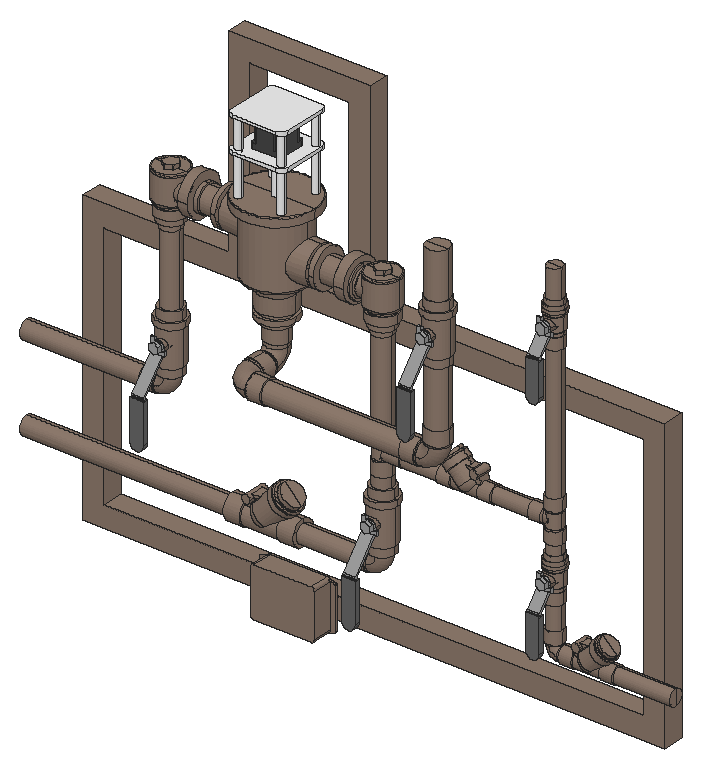
Revit family "Plumbing_Valves_Leonard-Valve_Proton-PNV-150-LF-R1", category Pipe Accessories, Revit 2018
Family settings
  Round Connector Dimension = Use Diameter
  Part Type = Normal
  OmniClass Number = 23.65.55.14.24
  OmniClass Title = Mixing Valves for Liquid Services
  Work Plane-Based = Yes
  Always vertical = Yes
  Cut with Voids When Loaded = Yes
  Shared = No
Parameters (values of type "PNV-150-LF-R1")
  Water Pressure Maximum = 125.0 psi  # constant formula
  URL = "http://www.leonardvalve.com"
  Product data url = "https://bimobject.com/leonardvalvecompany/product/pnv-150-lf-r1"
  Product Page URL = "https://www.leonardvalve.com/products/lines/228/product/4889"
  Product Material = Bronze - Leonard Valve Company
  Product Guid = "dcf07ee0-ffb9-4adc-a36b-18c1d787172a"
  Piping Method = "Method W"  # constant formula
  Outlet Temperature Range = "65°F-180°F"  # constant formula
  Outlet = 1 1/2"
  Offset = 0"
  Model = "PNV-150-LF-R1"
  Mixed Water Outlet Flow [instance] = 0.0 GPM
  Minimum Flow Rate = 0.25 GPM  # constant formula
  Maximum Pressure Drop = 50.0 psi  # constant formula
  Maximum Flow Rate = 165.0 GPM  # constant formula
  Manufacturer = "Leonard Valve"  # constant formula
  Keynote = "15400"
  Inlet = 1 1/4"
  Hot Water Inlet Flow [instance] = 0.0 GPM
  Hot Inlet Temperature Range = "120°F-180°F"  # constant formula
  Edition number = 1
  Description = "Proton-PNV-150-LF-R1"
  Default Elevation = 48"
  Cold Water Inlet Flow [instance] = 0.0 GPM
  Cold Inlet Temperature Range = "39°F-80°F"  # constant formula
  Assembly Code = "D2090800"
Reference planes (in)
  plane 1 "Center (Front/Back)": y = 0
  plane 2: z = 0
  plane 3 "Center (Left/Right)": x = 0
  plane 4: y = 0
Dimensions and locks (in)
  "Offset": plane 4 to plane 1 "Center (Front/Back)"
  aligned and locked: level to plane 2
  aligned and locked: plane 3 "Center (Left/Right)" to nested 1
  aligned and locked: nested 1 to plane 4
Nested families (in)
  nested 1: "PNV-150-LF-R1" at (0, 0, 0), type "PNV-150-LF-R1"
Connectors (in)
  piping at (-24.5, -3.7, 13), diameter 1.25, driven by "Inlet", driven by "Hot Water Inlet Flow"
    settings: on nested 1, index 1, connector inside diameter 609.6 mm, connector length 0", flow factor 0, pipe flow 0.0 GPM, pressure drop 0.0 psi, fitting loss kfactor 0, connector angle 0.00°, fixture units 0, engagement length 0", angle of deflection 0.00°, flow configuration 0, flow direction 1, fitting loss method 0, system type 19, joint type 0, gender type 0, connector reference index -1, connector utility 0, adjustable connector no, is connector primary yes, connector description "Hot Water Inlet"
  piping at (-24.5, -3.7, 6.5), diameter 1.25, driven by "Inlet", driven by "Cold Water Inlet Flow"
    settings: on nested 1, index 2, connector inside diameter 609.6 mm, connector length 0", flow factor 0, pipe flow 0.0 GPM, pressure drop 0.0 psi, fitting loss kfactor 0, connector angle 0.00°, fixture units 0, engagement length 0", angle of deflection 0.00°, flow configuration 0, flow direction 1, fitting loss method 0, system type 20, joint type 0, gender type 0, connector reference index -1, connector utility 0, adjustable connector no, is connector primary no, connector description "Cold Water Inlet"
  piping at (9.375, -7.25, 32.14258), diameter 1.5, driven by "Outlet", driven by "Mixed Water Outlet Flow"
    settings: on nested 1, index 3, connector inside diameter 609.6 mm, connector length 0", flow factor 0, pipe flow 0.0 GPM, pressure drop 0.0 psi, fitting loss kfactor 0, connector angle 0.00°, fixture units 0, engagement length 0", angle of deflection 0.00°, flow configuration 0, flow direction 2, fitting loss method 0, system type 7, joint type 0, gender type 0, connector reference index -1, connector utility 0, adjustable connector no, is connector primary no, connector description "Mixed Water Outlet"
  piping at (15.375, -3.7, 31.33958), diameter 1, driven by "Cold Water Inlet Flow"
    settings: on nested 1, index 4, connector inside diameter 609.6 mm, connector length 0", flow factor 0, pipe flow 0.0 GPM, pressure drop 0.0 psi, fitting loss kfactor 0, connector angle 0.00°, fixture units 0, engagement length 0", angle of deflection 0.00°, flow configuration 0, flow direction 1, fitting loss method 0, system type 8, joint type 0, gender type 0, connector reference index -1, connector utility 0, adjustable connector no, is connector primary no, connector description "Return Inlet"
  piping at (24.5, -3.7, 5.25), diameter 1, driven by "Cold Water Inlet Flow"
    settings: on nested 1, index 5, connector inside diameter 609.6 mm, connector length 0", flow factor 0, pipe flow 0.0 GPM, pressure drop 0.0 psi, fitting loss kfactor 0, connector angle 0.00°, fixture units 0, engagement length 0", angle of deflection 0.00°, flow configuration 0, flow direction 2, fitting loss method 0, system type 8, joint type 0, gender type 0, connector reference index -1, connector utility 0, adjustable connector no, is connector primary no, connector description "Return Outlet"
Definition of nested family "PNV-150-LF-R1"
  Parameters (values of type "PNV-150-LF-R1")
    Product Material = none
  Reference planes (in)
    plane 1 "Center (Front/Back)": y = 0
    plane 2: z = 0
    plane 3 "Center (Left/Right)": x = 0
    plane 4 "b": y = -3.7
    plane 5 "a": y = -7.25
    plane 6: x = -5.625
    plane 7: z = 17.71583
  Forms (in)
    Extrusion 1, solid, material <- "Product Material", detail levels fine
      sketch origin (0, 0, 0) x (1, 0, 0) y (0, 0, 1)
        loop
          line (-11, 22) -> (-22, 22) -> (-22, 0) -> (22, 0) -> (22, 22) -> (-0.25, 22) -> (-0.25, 37) -> (-11, 37) -> (-11, 22)
        loop
          line (-20.375, 20.375) -> (-20.375, 1.625) -> (20.375, 1.625) -> (20.375, 20.375) -> (-20.375, 20.375)
        loop
          line (-9.375, 22) -> (-1.875, 22) -> (-1.875, 35.375) -> (-9.375, 35.375) -> (-9.375, 22)
      from 0 to 1.575
    Extrusion 2, solid, material <- "Product Material", detail levels fine
      sketch origin (0, 0, 0) x (1, 0, 0) y (0, 0, 1)
        loop
          line (-3.475, 2.6875) -> (-7.775, 2.6875)
          arc (-7.775, 2.6875) -> (-7.95178, 2.61428) -> (-8.025, 2.4375) r 0.25
          line (-8.025, 2.4375) -> (-8.025, -0.8125)
          arc (-8.025, -0.8125) -> (-7.95178, -0.98928) -> (-7.775, -1.0625) r 0.25
          line (-7.775, -1.0625) -> (-3.475, -1.0625)
          arc (-3.475, -1.0625) -> (-3.29822, -0.98928) -> (-3.225, -0.8125) r 0.25
          line (-3.225, -0.8125) -> (-3.225, 2.4375)
          arc (-3.225, 2.4375) -> (-3.29822, 2.61428) -> (-3.475, 2.6875) r 0.25
      from 1.625 to 3.165
    Extrusion 3, solid, material <- "Product Material", detail levels fine
      sketch origin (0, 0, 0) x (1, 0, 0) y (0, 0, 1)
        loop
          line (-8.5, 2.39294) -> (-8.5, -0.76794)
          arc (-8.5, -0.76794) -> (-8.48839, -0.80422) -> (-8.45787, -0.82703) r 0.0625
          line (-8.45787, -0.82703) -> (-7.92909, -1.00937)
          arc (-7.92909, -1.00937) -> (-7.99975, -0.92199) -> (-8.025, -0.8125) r 0.25
          line (-8.025, -0.8125) -> (-8.025, 2.4375)
          arc (-8.025, 2.4375) -> (-7.99975, 2.54699) -> (-7.92909, 2.63437) r 0.25
          line (-7.92909, 2.63437) -> (-8.45787, 2.45203)
          arc (-8.45787, 2.45203) -> (-8.48839, 2.42922) -> (-8.5, 2.39294) r 0.0625
        loop
          line (-2.75, -0.76794) -> (-2.75, 2.39294)
          arc (-2.75, 2.39294) -> (-2.76161, 2.42922) -> (-2.79213, 2.45203) r 0.0625
          line (-2.79213, 2.45203) -> (-3.32091, 2.63437)
          arc (-3.32091, 2.63437) -> (-3.25025, 2.54699) -> (-3.225, 2.4375) r 0.25
          line (-3.225, 2.4375) -> (-3.225, -0.8125)
          arc (-3.225, -0.8125) -> (-3.25025, -0.92199) -> (-3.32091, -1.00937) r 0.25
          line (-3.32091, -1.00937) -> (-2.79213, -0.82703)
          arc (-2.79213, -0.82703) -> (-2.76161, -0.80422) -> (-2.75, -0.76794) r 0.0625
      from 1.625 to 1.745
    Extrusion 4, solid, detail levels fine
      sketch origin (0, 0, 0) x (1, 0, 0) y (0, 1, 0)
        loop
          line (-7.75, -2.075) -> (-7.75, -5.325)
          arc (-7.75, -5.325) -> (-7.60355, -5.67855) -> (-7.25, -5.825) r 0.5
          line (-7.25, -5.825) -> (-4, -5.825)
          arc (-4, -5.825) -> (-3.64645, -5.67855) -> (-3.5, -5.325) r 0.5
          line (-3.5, -5.325) -> (-3.5, -2.075)
          arc (-3.5, -2.075) -> (-3.64645, -1.72145) -> (-4, -1.575) r 0.5
          line (-4, -1.575) -> (-7.25, -1.575)
          arc (-7.25, -1.575) -> (-7.60355, -1.72145) -> (-7.75, -2.075) r 0.5
      from 34.25 to 34.5
    Extrusion 5, solid, detail levels fine
      sketch origin (0, 0, -2.5) x (1, 0, 0) y (0, 1, 0)
        loop
          line (-7.75, -2.075) -> (-7.75, -5.325)
          arc (-7.75, -5.325) -> (-7.60355, -5.67855) -> (-7.25, -5.825) r 0.5
          line (-7.25, -5.825) -> (-4, -5.825)
          arc (-4, -5.825) -> (-3.64645, -5.67855) -> (-3.5, -5.325) r 0.5
          line (-3.5, -5.325) -> (-3.5, -2.075)
          arc (-3.5, -2.075) -> (-3.64645, -1.72145) -> (-4, -1.575) r 0.5
          line (-4, -1.575) -> (-7.25, -1.575)
          arc (-7.25, -1.575) -> (-7.60355, -1.72145) -> (-7.75, -2.075) r 0.5
      from 34.25 to 34.5
    Extrusion 6, solid, detail levels fine
      sketch origin (0, 0, 0) x (1, 0, 0) y (0, 1, 0)
        loop
          line (-6.735, -3.07411) -> (-6.735, -4.32589)
          arc (-6.735, -4.32589) -> (-6.70041, -4.40941) -> (-6.61689, -4.444) r 0.11811
          line (-6.61689, -4.444) -> (-6.56585, -4.444)
          arc (-6.56585, -4.444) -> (-6.42666, -4.50166) -> (-6.369, -4.64085) r 0.19685
          line (-6.369, -4.64085) -> (-6.369, -4.69189)
          arc (-6.369, -4.69189) -> (-6.33441, -4.77541) -> (-6.25089, -4.81) r 0.11811
          line (-6.25089, -4.81) -> (-4.99911, -4.81)
          arc (-4.99911, -4.81) -> (-4.91559, -4.77541) -> (-4.881, -4.69189) r 0.11811
          line (-4.881, -4.69189) -> (-4.881, -4.64085)
          arc (-4.881, -4.64085) -> (-4.82334, -4.50166) -> (-4.68415, -4.444) r 0.19685
          line (-4.68415, -4.444) -> (-4.63311, -4.444)
          arc (-4.63311, -4.444) -> (-4.54959, -4.40941) -> (-4.515, -4.32589) r 0.11811
          line (-4.515, -4.32589) -> (-4.515, -3.07411)
          arc (-4.515, -3.07411) -> (-4.54959, -2.99059) -> (-4.63311, -2.956) r 0.11811
          line (-4.63311, -2.956) -> (-4.68415, -2.956)
          arc (-4.68415, -2.956) -> (-4.82334, -2.89834) -> (-4.881, -2.75915) r 0.19685
          line (-4.881, -2.75915) -> (-4.881, -2.70811)
          arc (-4.881, -2.70811) -> (-4.91559, -2.62459) -> (-4.99911, -2.59) r 0.11811
          line (-4.99911, -2.59) -> (-6.25089, -2.59)
          arc (-6.25089, -2.59) -> (-6.33441, -2.62459) -> (-6.369, -2.70811) r 0.11811
          line (-6.369, -2.70811) -> (-6.369, -2.75915)
          arc (-6.369, -2.75915) -> (-6.42666, -2.89834) -> (-6.56585, -2.956) r 0.19685
          line (-6.56585, -2.956) -> (-6.61689, -2.956)
          arc (-6.61689, -2.956) -> (-6.70041, -2.99059) -> (-6.735, -3.07411) r 0.11811
      from 32 to 33.78
    Extrusion 7, solid, detail levels fine
      sketch origin (0, 0, 0) x (1, 0, 0) y (0, 1, 0)
        loop
          line (-6.735, -2.76) -> (-6.735, -3.07411)
          arc (-6.735, -3.07411) -> (-6.70041, -2.99059) -> (-6.61689, -2.956) r 0.11811
          line (-6.61689, -2.956) -> (-6.56585, -2.956)
          arc (-6.56585, -2.956) -> (-6.42666, -2.89834) -> (-6.369, -2.75915) r 0.19685
          line (-6.369, -2.75915) -> (-6.369, -2.70811)
          arc (-6.369, -2.70811) -> (-6.33441, -2.62459) -> (-6.25089, -2.59) r 0.11811
          line (-6.25089, -2.59) -> (-6.565, -2.59)
          arc (-6.565, -2.59) -> (-6.68521, -2.63979) -> (-6.735, -2.76) r 0.17
        loop
          line (-4.515, -3.07411) -> (-4.515, -2.76)
          arc (-4.515, -2.76) -> (-4.56479, -2.63979) -> (-4.685, -2.59) r 0.17
          line (-4.685, -2.59) -> (-4.99911, -2.59)
          arc (-4.99911, -2.59) -> (-4.91559, -2.62459) -> (-4.881, -2.70811) r 0.11811
          line (-4.881, -2.70811) -> (-4.881, -2.75915)
          arc (-4.881, -2.75915) -> (-4.82334, -2.89834) -> (-4.68415, -2.956) r 0.19685
          line (-4.68415, -2.956) -> (-4.63311, -2.956)
          arc (-4.63311, -2.956) -> (-4.54959, -2.99059) -> (-4.515, -3.07411) r 0.11811
        loop
          line (-6.735, -4.32589) -> (-6.735, -4.64)
          arc (-6.735, -4.64) -> (-6.68521, -4.76021) -> (-6.565, -4.81) r 0.17
          line (-6.565, -4.81) -> (-6.25089, -4.81)
          arc (-6.25089, -4.81) -> (-6.33441, -4.77541) -> (-6.369, -4.69189) r 0.11811
          line (-6.369, -4.69189) -> (-6.369, -4.64085)
          arc (-6.369, -4.64085) -> (-6.42666, -4.50166) -> (-6.56585, -4.444) r 0.19685
          line (-6.56585, -4.444) -> (-6.61689, -4.444)
          arc (-6.61689, -4.444) -> (-6.70041, -4.40941) -> (-6.735, -4.32589) r 0.11811
        loop
          line (-4.515, -4.64) -> (-4.515, -4.32589)
          arc (-4.515, -4.32589) -> (-4.54959, -4.40941) -> (-4.63311, -4.444) r 0.11811
          line (-4.63311, -4.444) -> (-4.68415, -4.444)
          arc (-4.68415, -4.444) -> (-4.82334, -4.50166) -> (-4.881, -4.64085) r 0.19685
          line (-4.881, -4.64085) -> (-4.881, -4.69189)
          arc (-4.881, -4.69189) -> (-4.91559, -4.77541) -> (-4.99911, -4.81) r 0.11811
          line (-4.99911, -4.81) -> (-4.685, -4.81)
          arc (-4.685, -4.81) -> (-4.56479, -4.76021) -> (-4.515, -4.64) r 0.17
      from 32 to 32.3937
    Extrusion 8, solid, detail levels fine
      sketch origin (0, 0, 0) x (1, 0, 0) y (0, 1, 0)
        loop
          circle (-7.25, -2.075) r 0.24923
        loop
          circle (-4.00295, -2.075) r 0.24923
        loop
          circle (-7.25, -5.325) r 0.24923
        loop
          circle (-3.99705, -5.325) r 0.24923
      from 28.74458 to 34.25
    Revolve 9, solid, material <- "Product Material", detail levels fine
      sketch origin (-24.5, -3.7, 47.24409) x (-1, 0, 0) y (0, 0, 1)
        loop
          line (0, -41.43159) -> (0, -40.74409) -> (-26.05421, -40.74409) -> (-26.05421, -41.47027)
          arc (-26.05421, -41.47027) -> (-26.02885, -41.49434) -> (-25.995, -41.50309) r 0.06982
          line (-25.995, -41.50309) -> (-25.025, -41.50309) -> (-25.025, -41.43151) -> (-20.8525, -41.43151) -> (-20.8525, -41.69409) -> (-19.625, -41.69409) -> (-19.625, -41.63627) -> (-16.8, -41.63627) -> (-16.8, -41.69409) -> (-15.5725, -41.69409) -> (-15.5725, -41.43159) -> (0, -41.43159)
        axis (-26.05421, -40.74409) -> (0, -40.74409)
      angle from 0 to 360
    Revolve 10, solid, material <- "Product Material", detail levels fine
      sketch origin (-24.5, -3.7, 47.24409) x (-1, 0, 0) y (0, 0, 1)
        loop
          line (-9.025, -34.93159) -> (0, -34.93159) -> (0, -34.24409) -> (-10.05401, -34.24409) -> (-10.05401, -34.97038)
          arc (-10.05401, -34.97038) -> (-10.02874, -34.99437) -> (-9.995, -35.00309) r 0.06958
          line (-9.995, -35.00309) -> (-9.025, -35.00309) -> (-9.025, -34.93159)
        axis (0, -34.24409) -> (-10.05401, -34.24409)
      angle from 0 to 360
    Revolve 11, solid, material <- "Product Material", detail levels fine
      sketch origin (-24.5, -3.7, 47.24409) x (-1, 0, 0) y (0, 0, 1)
        loop
          line (-20.09194, -38.36761) -> (-17.64924, -40.81032) -> (-17.44442, -40.60551)
          arc (-17.44442, -40.60551) -> (-17.2138, -40.04873) -> (-17.44442, -39.49195) r 0.7874
          line (-17.44442, -39.49195) -> (-18.62324, -38.31313) -> (-18.58781, -38.2777) -> (-18.89723, -37.96827)
          arc (-18.89723, -37.96827) -> (-18.94148, -37.94995) -> (-18.98572, -37.96827) r 0.06257
          arc (-18.98572, -37.96827) -> (-18.98572, -37.88) -> (-19.07399, -37.88) r 0.06242
          line (-19.07399, -37.88) -> (-19.18151, -37.98752)
          arc (-19.18151, -37.98752) -> (-19.20325, -37.99652) -> (-19.22499, -37.98752) r 0.03075
          line (-19.22499, -37.98752) -> (-19.46842, -37.74409) -> (-20.09194, -38.36761)
        axis (-17.64924, -40.81032) -> (-20.09194, -38.36761)
      angle from 0 to 360
    Revolve 12, solid, material <- "Product Material", detail levels fine
      sketch origin (-24.5, -3.7, 47.24409) x (-1, 0, 0) y (0, 0, 1)
        loop
          line (-11.77035, -33.30409) -> (-10.875, -33.30409) -> (-10.875, -22.96952) -> (-11.625, -22.96952) -> (-11.625, -23.41952) -> (-11.56186, -23.41952) -> (-11.56186, -28.80409) -> (-11.77035, -28.80409) -> (-11.77035, -29.46859) -> (-11.99418, -29.46859) -> (-11.99418, -29.90609) -> (-11.91137, -29.90609) -> (-11.85303, -29.96443) -> (-11.85303, -32.63959) -> (-11.77035, -32.63959) -> (-11.77035, -33.30409)
        axis (-10.875, -22.96952) -> (-10.875, -33.30409)
      angle from 0 to 360
    Extrusion 13, solid, material <- "Product Material", detail levels fine
      sketch origin (0, 0, 0) x (1, 0, 0) y (0, 1, 0)
        loop
          circle (-13.625, -3.7) r 1.1114
      from 24.72458 to 25.37109
    Extrusion 14, solid, material <- "Product Material", detail levels fine
      sketch origin (0, 0, 0) x (1, 0, 0) y (0, 1, 0)
        loop
          circle (-13.625, -3.7) r 0.93819
      from 24.27458 to 24.72458
    Revolve 15, solid, material <- "Product Material", detail levels fine
      sketch origin (-24.5, -3.7, 47.24409) x (-1, 0, 0) y (0, 0, 1)
        loop
          line (-9.6872, -19.36152) -> (-10.875, -19.36152) -> (-10.875, -21.87301) -> (-9.9007, -21.87301) -> (-9.9007, -21.73732)
          arc (-9.9007, -21.73732) -> (-9.8662, -21.65402) -> (-9.7829, -21.61952) r 0.1178
          line (-9.7829, -21.61952) -> (-9.75149, -21.61952)
          arc (-9.75149, -21.61952) -> (-9.66204, -21.58247) -> (-9.62499, -21.49302) r 0.12649
          line (-9.62499, -21.49302) -> (-9.62499, -19.52452) -> (-9.62499, -19.42372)
          arc (-9.62499, -19.42372) -> (-9.64321, -19.37974) -> (-9.6872, -19.36152) r 0.06221
        axis (-10.875, -19.36152) -> (-10.875, -21.87301)
      angle from 0 to 360
    Extrusion 16, solid, material <- "Product Material", detail levels fine
      sketch origin (0, 0, 0) x (1, 0, 0) y (0, 1, 0)
        loop
          line (-13.56687, -3.15444) -> (-14.02878, -3.32855)
          arc (-14.02878, -3.32855) -> (-14.05507, -3.3474) -> (-14.06841, -3.37688) r 0.0625
          line (-14.06841, -3.37688) -> (-14.14858, -3.86396)
          arc (-14.14858, -3.86396) -> (-14.14539, -3.89615) -> (-14.12654, -3.92244) r 0.0625
          line (-14.12654, -3.92244) -> (-13.7448, -4.23541)
          arc (-13.7448, -4.23541) -> (-13.71532, -4.24875) -> (-13.68313, -4.24556) r 0.0625
          line (-13.68313, -4.24556) -> (-13.22122, -4.07145)
          arc (-13.22122, -4.07145) -> (-13.19493, -4.0526) -> (-13.18159, -4.02312) r 0.0625
          line (-13.18159, -4.02312) -> (-13.10142, -3.53604)
          arc (-13.10142, -3.53604) -> (-13.10461, -3.50385) -> (-13.12346, -3.47756) r 0.0625
          line (-13.12346, -3.47756) -> (-13.5052, -3.16459)
          arc (-13.5052, -3.16459) -> (-13.53468, -3.15125) -> (-13.56687, -3.15444) r 0.0625
      from 27.88258 to 28.19458
    Revolve 17, solid, material <- "Product Material", detail levels fine
      sketch origin (-8.5, -3.7, 40.74409) x (-1, 0, 0) y (0, 0, 1)
        loop
          line (-11.77035, -33.30409) -> (-10.875, -33.30409) -> (-10.875, -18.01952) -> (-11.625, -18.01952) -> (-11.625, -18.46952) -> (-11.56186, -18.46952) -> (-11.56186, -24.99409) -> (-11.5955, -24.99409) -> (-11.5955, -25.98781) -> (-11.52673, -26.05658) -> (-11.52673, -26.93161) -> (-11.5955, -27.00038) -> (-11.5955, -27.99409) -> (-11.56186, -27.99409) -> (-11.56186, -28.80409) -> (-11.77035, -28.80409) -> (-11.77035, -29.46859) -> (-11.99418, -29.46859) -> (-11.99418, -29.90609) -> (-11.91137, -29.90609) -> (-11.85303, -29.96443) -> (-11.85303, -32.63959) -> (-11.77035, -32.63959) -> (-11.77035, -33.30409)
        axis (-10.875, -18.01952) -> (-10.875, -33.30409)
      angle from 0 to 360
    Extrusion 18, solid, material <- "Product Material", detail levels fine
      sketch origin (16, 0, -1.55) x (1, 0, 0) y (0, 1, 0)
        loop
          circle (-13.625, -3.7) r 0.93819
      from 24.27458 to 24.72458
    Extrusion 19, solid, material <- "Product Material", detail levels fine
      sketch origin (16, 0, -1.55) x (1, 0, 0) y (0, 1, 0)
        loop
          circle (-13.625, -3.7) r 1.11628
      from 24.72458 to 25.37109
    Revolve 20, solid, material <- "Product Material", detail levels fine
      sketch origin (-8.5, -3.7, 45.69409) x (-1, 0, 0) y (0, 0, 1)
        loop
          line (-9.6872, -19.36152) -> (-10.875, -19.36152) -> (-10.875, -21.87301) -> (-9.9007, -21.87301) -> (-9.9007, -21.73732)
          arc (-9.9007, -21.73732) -> (-9.8662, -21.65402) -> (-9.7829, -21.61952) r 0.1178
          line (-9.7829, -21.61952) -> (-9.75149, -21.61952)
          arc (-9.75149, -21.61952) -> (-9.66204, -21.58247) -> (-9.62499, -21.49302) r 0.12649
          line (-9.62499, -21.49302) -> (-9.62499, -19.52452) -> (-9.62499, -19.42372)
          arc (-9.62499, -19.42372) -> (-9.64321, -19.37974) -> (-9.6872, -19.36152) r 0.06221
        axis (-10.875, -19.36152) -> (-10.875, -21.87301)
      angle from 0 to 360
    Extrusion 21, solid, material <- "Product Material", detail levels fine
      sketch origin (16, 0, -1.55) x (1, 0, 0) y (0, 1, 0)
        loop
          line (-13.56687, -3.15444) -> (-14.02878, -3.32855)
          arc (-14.02878, -3.32855) -> (-14.05507, -3.3474) -> (-14.06841, -3.37688) r 0.0625
          line (-14.06841, -3.37688) -> (-14.14858, -3.86396)
          arc (-14.14858, -3.86396) -> (-14.14539, -3.89615) -> (-14.12654, -3.92244) r 0.0625
          line (-14.12654, -3.92244) -> (-13.7448, -4.23541)
          arc (-13.7448, -4.23541) -> (-13.71532, -4.24875) -> (-13.68313, -4.24556) r 0.0625
          line (-13.68313, -4.24556) -> (-13.22122, -4.07145)
          arc (-13.22122, -4.07145) -> (-13.19493, -4.0526) -> (-13.18159, -4.02312) r 0.0625
          line (-13.18159, -4.02312) -> (-13.10142, -3.53604)
          arc (-13.10142, -3.53604) -> (-13.10461, -3.50385) -> (-13.12346, -3.47756) r 0.0625
          line (-13.12346, -3.47756) -> (-13.5052, -3.16459)
          arc (-13.5052, -3.16459) -> (-13.53468, -3.15125) -> (-13.56687, -3.15444) r 0.0625
      from 27.88258 to 28.19458
    Revolve 22, solid, material <- "Product Material", detail levels fine
      sketch origin (-24.5, -3.7, 47.24409) x (-1, 0, 0) y (0, 0, 1)
        loop
          line (-26.89768, -32.99409) -> (-39.77596, -32.99409) -> (-39.77596, -33.53643) -> (-39.31159, -33.53643)
          arc (-39.31159, -33.53643) -> (-39.28803, -33.59216) -> (-39.23935, -33.62809) r 0.11452
          line (-39.23935, -33.62809) -> (-38.315, -33.62809) -> (-38.315, -33.5562) -> (-35.47, -33.5562) -> (-35.47, -33.62409) -> (-34.4925, -33.62409) -> (-34.4925, -33.57158) -> (-32.3875, -33.57158) -> (-32.3875, -33.62409) -> (-31.41, -33.62409) -> (-31.41, -33.55653) -> (-28.565, -33.55653) -> (-28.565, -33.59109) -> (-26.89768, -33.59109) -> (-26.89768, -32.99409)
        axis (-26.89768, -32.99409) -> (-39.77596, -32.99409)
      angle from 0 to 360
    Extrusion 23, solid, material <- "Product Material", detail levels fine
      sketch origin (-24.5, -3.7, 47.24409) x (-1, 0, 0) y (0, 0, 1)
        loop
          line (-16.8, -39.93632) -> (-16.76846, -39.93632) -> (-16.90764, -39.39822)
          arc (-16.90764, -39.39822) -> (-17.22708, -39.675) -> (-17.51875, -39.36909) r 0.30625
          arc (-17.51875, -39.36909) -> (-17.4625, -39.19221) -> (-17.31443, -39.0803) r 0.30625
          line (-17.31443, -39.0803) -> (-18.03046, -39.0803) -> (-17.41966, -39.69111)
          arc (-17.41966, -39.69111) -> (-17.29982, -39.83755) -> (-17.21133, -40.0048) r 0.95164
          line (-17.21133, -40.0048) -> (-16.8, -40.0048) -> (-16.8, -39.93632)
      from -0.5 to 0.5
    Extrusion 24, solid, material <- "Product Material", detail levels fine
      sketch origin (-24.5, -3.7, 47.24409) x (-1, 0, 0) y (0, 0, 1)
        loop
          arc (-16.90764, -39.39822) -> (-17.19792, -39.06319) -> (-17.51875, -39.36909) r 0.30625
          arc (-17.51875, -39.36909) -> (-17.22708, -39.675) -> (-16.90764, -39.39822) r 0.30625
      from -0.84125 to 0.84125
    Revolve 25, solid, material <- "Product Material", detail levels fine
      sketch origin (-24.5, -3.7, 47.24409) x (-1, 0, 0) y (0, 0, 1)
        loop
          line (-32.55908, -30.74409) -> (-32.71376, -30.89877)
          arc (-32.71376, -30.89877) -> (-32.73586, -30.90793) -> (-32.75796, -30.89877) r 0.03125
          line (-32.75796, -30.89877) -> (-32.83549, -30.82124)
          arc (-32.83549, -30.82124) -> (-32.87964, -30.82124) -> (-32.87964, -30.86539) r 0.03122
          arc (-32.87964, -30.86539) -> (-32.90169, -30.85626) -> (-32.92374, -30.86539) r 0.03118
          line (-32.92374, -30.86539) -> (-33.29948, -31.24114) -> (-33.26444, -31.27617) -> (-34.09961, -32.11134)
          arc (-34.09961, -32.11134) -> (-34.2501, -32.61871) -> (-34.0307, -33.1003) r 0.75533
          line (-34.0307, -33.1003) -> (-33.97447, -33.15653) -> (-32.06056, -31.24261) -> (-32.55908, -30.74409)
        axis (-33.97447, -33.15653) -> (-32.06056, -31.24261)
      angle from 0 to 360
    Revolve 26, solid, material <- "Product Material", detail levels fine
      sketch origin (-24.5, -3.7, 47.24409) x (-1, 0, 0) y (0, 0, 1)
        loop
          line (-40.509, -40.42409) -> (-40.509, -41.33409)
          arc (-40.509, -41.33409) -> (-40.50037, -41.36818) -> (-40.47604, -41.39356) r 0.06882
          line (-40.47604, -41.39356) -> (-39.875, -41.39356) -> (-39.875, -35.96034) -> (-40.67395, -35.96034) -> (-40.67395, -36.15372) -> (-40.64085, -36.15372) -> (-40.64085, -36.34704) -> (-40.58351, -36.40438) -> (-40.58351, -37.45708) -> (-40.55352, -37.48707) -> (-40.55352, -37.74509) -> (-40.52354, -37.77507) -> (-40.52354, -38.65009) -> (-40.43742, -38.65009) -> (-40.43742, -40.42409) -> (-40.509, -40.42409)
        loop
          line (-40.43746, -35.30409) -> (-40.52354, -35.30409) -> (-40.52354, -35.66868) -> (-39.875, -35.66868) -> (-39.875, -18.65577) -> (-40.67395, -18.65577) -> (-40.67395, -18.84914) -> (-40.64085, -18.84914) -> (-40.64085, -19.04246) -> (-40.58351, -19.0998) -> (-40.58351, -20.15251) -> (-40.55352, -20.1825) -> (-40.55352, -20.44052) -> (-40.52354, -20.4705) -> (-40.52354, -21.34552) -> (-40.43742, -21.34552) -> (-40.43742, -31.43409) -> (-40.509, -31.43409) -> (-40.509, -32.32737)
          arc (-40.509, -32.32737) -> (-40.50036, -32.36985) -> (-40.47581, -32.40557) r 0.10871
          arc (-40.47581, -32.40557) -> (-40.45569, -32.42752) -> (-40.43841, -32.45176) r 0.24383
          line (-40.43841, -32.45176) -> (-40.43841, -33.53643)
          arc (-40.43841, -33.53643) -> (-40.45569, -33.56067) -> (-40.47581, -33.58262) r 0.24383
          arc (-40.47581, -33.58262) -> (-40.50036, -33.61834) -> (-40.509, -33.66082) r 0.10871
          line (-40.509, -33.66082) -> (-40.509, -34.55409) -> (-40.43746, -34.55409) -> (-40.43746, -35.30409)
        loop
          line (-39.875, -18.3641) -> (-39.875, -15.90452) -> (-40.4375, -15.90452) -> (-40.4375, -17.99952) -> (-40.52354, -17.99952) -> (-40.52354, -18.3641) -> (-39.875, -18.3641)
        axis (-39.875, -41.39356) -> (-39.875, -15.90452)
      angle from 0 to 360
    Revolve 27, solid, material <- "Product Material", detail levels fine
      sketch origin (-24.5, -3.7, 47.24409) x (-1, 0, 0) y (0, 0, 1)
        loop
          line (-49, -41.99409) -> (-49, -42.55659) -> (-44.685, -42.55659) -> (-44.685, -42.62409) -> (-43.7075, -42.62409) -> (-43.7075, -42.57146) -> (-41.6025, -42.57146) -> (-41.6025, -42.62409) -> (-40.625, -42.62409) -> (-40.625, -41.99409) -> (-49, -41.99409)
        axis (-40.625, -41.99409) -> (-49, -41.99409)
      angle from 0 to 360
    Extrusion 28, solid, material <- "Product Material", detail levels fine
      sketch origin (-24.5, -3.7, 47.24409) x (-1, 0, 0) y (0, 0, 1)
        loop
          arc (-34.1014, -31.57594) -> (-33.94411, -31.68653) -> (-33.88375, -31.86909) r 0.30625
          arc (-33.88375, -31.86909) -> (-34.16415, -32.17425) -> (-34.49189, -31.92061) r 0.30625
          line (-34.49189, -31.92061) -> (-34.56285, -32.48786) -> (-34.4925, -32.48786) -> (-34.4925, -32.55491) -> (-34.24321, -32.55491)
          arc (-34.24321, -32.55491) -> (-34.1704, -32.35415) -> (-34.04293, -32.1828) r 0.73485
          line (-34.04293, -32.1828) -> (-33.43608, -31.57594) -> (-34.1014, -31.57594)
      from -0.375 to 0.375
    Extrusion 29, solid, material <- "Product Material", detail levels fine
      sketch origin (-24.5, -3.7, 47.24409) x (-1, 0, 0) y (0, 0, 1)
        loop
          arc (-33.88375, -31.86909) -> (-34.21585, -31.56394) -> (-34.49189, -31.92061) r 0.30625
          arc (-34.49189, -31.92061) -> (-34.16415, -32.17425) -> (-33.88375, -31.86909) r 0.30625
      from -0.57625 to 0.57625
    Revolve 30, solid, material <- "Product Material", detail levels fine
      sketch origin (51.595, -3.7, 38.24409) x (1, 0, 0) y (0, 0, -1)
        loop
          line (-32.55908, 30.74409) -> (-32.06056, 31.24261) -> (-33.97447, 33.15653) -> (-34.0307, 33.1003)
          arc (-34.0307, 33.1003) -> (-34.2501, 32.61871) -> (-34.09961, 32.11134) r 0.75533
          line (-34.09961, 32.11134) -> (-33.26444, 31.27617) -> (-33.29948, 31.24114) -> (-32.92374, 30.86539)
          arc (-32.92374, 30.86539) -> (-32.90169, 30.85626) -> (-32.87964, 30.86539) r 0.03118
          arc (-32.87964, 30.86539) -> (-32.87964, 30.82124) -> (-32.83549, 30.82124) r 0.03122
          line (-32.83549, 30.82124) -> (-32.75796, 30.89877)
          arc (-32.75796, 30.89877) -> (-32.73586, 30.90793) -> (-32.71376, 30.89877) r 0.03125
          line (-32.71376, 30.89877) -> (-32.55908, 30.74409)
        axis (-33.97447, 33.15653) -> (-32.06056, 31.24261)
      angle from 0 to 360
    Extrusion 31, solid, material <- "Product Material", detail levels fine
      sketch origin (51.595, -3.7, 38.24409) x (1, 0, 0) y (0, 0, -1)
        loop
          line (-34.1014, 31.57594) -> (-33.43608, 31.57594) -> (-34.04293, 32.1828)
          arc (-34.04293, 32.1828) -> (-34.1704, 32.35415) -> (-34.24321, 32.55491) r 0.73485
          line (-34.24321, 32.55491) -> (-34.4925, 32.55491) -> (-34.4925, 32.48786) -> (-34.56285, 32.48786) -> (-34.49189, 31.92061)
          arc (-34.49189, 31.92061) -> (-34.16415, 32.17425) -> (-33.88375, 31.86909) r 0.30625
          arc (-33.88375, 31.86909) -> (-33.94411, 31.68653) -> (-34.1014, 31.57594) r 0.30625
      from -0.375 to 0.375
    Extrusion 32, solid, material <- "Product Material", detail levels fine
      sketch origin (51.595, -3.7, 38.24409) x (1, 0, 0) y (0, 0, -1)
        loop
          arc (-33.88375, 31.86909) -> (-34.16415, 32.17425) -> (-34.49189, 31.92061) r 0.30625
          arc (-34.49189, 31.92061) -> (-34.21585, 31.56394) -> (-33.88375, 31.86909) r 0.30625
      from -0.57625 to 0.57625
    Sweep 33, solid, material <- "Product Material", detail levels fine
      path origin (-24.5, -3.7, 47.24409) x (-1, 0, 0) y (0, 0, 1)
        loop
          line (-9.995, -34.24409) -> (-10.04823, -34.24409)
          arc (-10.04823, -34.24409) -> (-10.63284, -34.00194) -> (-10.875, -33.41732) r 0.82677
          line (-10.875, -33.41732) -> (-10.875, -33.30409)
      profile origin (-14.47839, -3.7, 13) x (0, 0, -1) y (0, 1, 0)
        loop
          circle (0, 0) r 0.68898
    Sweep 34, solid, material <- "Product Material", detail levels fine
      path origin (-24.5, -3.7, 47.24409) x (-1, 0, 0) y (0, 0, 1)
        loop
          line (-25.995, -40.74409) -> (-26.04823, -40.74409)
          arc (-26.04823, -40.74409) -> (-26.63284, -40.50194) -> (-26.875, -39.91732) r 0.82677
          line (-26.875, -39.91732) -> (-26.875, -39.80409)
      profile origin (1.52161, -3.7, 6.5) x (0, 0, -1) y (0, 1, 0)
        loop
          circle (-0.00296, 0) r 0.68898
    Sweep 35, solid, material <- "Product Material", detail levels fine
      path origin (-24.5, -3.7, 47.24409) x (-1, 0, 0) y (0, 0, 1)
        loop
          line (-39.875, -41.33409) -> (-39.875, -41.40354)
          arc (-39.875, -41.40354) -> (-40.04797, -41.82113) -> (-40.46555, -41.99409) r 0.59055
          line (-40.46555, -41.99409) -> (-40.625, -41.99409)
      profile origin (16.04528, -3.7, 5.25) x (0, 0, 1) y (0, 1, 0)
        loop
          circle (0, 0) r 0.5625
    Extrusion 36, solid, material <- "Product Material", detail levels fine
      sketch origin (0, 0, 0) x (1, 0, 0) y (0, 1, 0)
        loop
          circle (15.375, -3.7) r 0.74887
      from 11.28375 to 11.57542
    Extrusion 37, solid, material <- "Product Material", detail levels fine
      sketch origin (0, 0, 17.30458) x (1, 0, 0) y (0, 1, 0)
        loop
          circle (15.375, -3.7) r 0.74887
      from 11.28375 to 11.57542
    Revolve 38, solid, material <- "Product Material", detail levels fine
      sketch origin (-24.5, -3.7, 47.24409) x (-1, 0, 0) y (0, 0, 1)
        loop
          line (-18.875, -28.23827) -> (-18.875, -27.06827) -> (-19.76, -27.06827) -> (-19.76, -28.23827) -> (-18.875, -28.23827)
        loop
          line (-20.28227, -26.02452) -> (-20.05629, -26.02452) -> (-20.05629, -26.32452) -> (-18.875, -26.32452) -> (-18.875, -18.49952) -> (-21.72902, -18.49952)
          arc (-21.72902, -18.49952) -> (-21.75255, -18.50787) -> (-21.7625, -18.53077) r 0.03132
          line (-21.7625, -18.53077) -> (-21.7625, -19.14452) -> (-21.31259, -19.14452)
          arc (-21.31259, -19.14452) -> (-21.22435, -19.18107) -> (-21.1878, -19.26931) r 0.12479
          line (-21.1878, -19.26931) -> (-21.1878, -23.89974)
          arc (-21.1878, -23.89974) -> (-21.15125, -23.98797) -> (-21.06302, -24.02452) r 0.12478
          line (-21.06302, -24.02452) -> (-20.6105, -24.02452)
          arc (-20.6105, -24.02452) -> (-20.53535, -24.05084) -> (-20.49118, -24.11708) r 0.12547
          line (-20.49118, -24.11708) -> (-20.31258, -24.77452) -> (-20.28227, -26.02452)
        axis (-18.875, -28.23827) -> (-18.875, -18.49952)
      angle from 0 to 360
    Extrusion 39, solid, material <- "Product Material", detail levels fine
      sketch origin (0, 0, 0) x (1, 0, 0) y (0, 1, 0)
        loop
          circle (-5.625, -3.7) r 1.44338
      from 20.57583 to 20.91958
    Extrusion 40, solid, material <- "Product Material", detail levels fine
      sketch origin (0, 0, 0) x (1, 0, 0) y (0, 1, 0)
        loop
          circle (-5.625, -3.7) r 1.1114
      from 20.17583 to 20.57583
    Extrusion 41, solid, detail levels fine
      sketch origin (0, 0, 0) x (1, 0, 0) y (0, 1, 0)
        loop
          circle (-5.625, -3.7) r 0.3315
      from 28.74458 to 31.75
    Revolve 42, solid, material <- "Product Material", detail levels fine
      sketch origin (-24.5, -3.7, 47.24409) x (-1, 0, 0) y (0, 0, 1)
        loop
          line (-13.338, -21.65702) -> (-13.338, -20.59452) -> (-15.011, -20.59452) -> (-15.011, -21.54632) -> (-13.716, -21.54632) -> (-13.716, -21.65702) -> (-13.338, -21.65702)
        loop
          line (-15.575, -22.00452) -> (-15.575, -21.78219) -> (-15.35475, -21.78219) -> (-15.35475, -20.59452) -> (-18.875, -20.59452) -> (-18.875, -22.17746) -> (-15.575, -22.00452)
        loop
          line (-12.588, -20.59452) -> (-12.588, -21.83094) -> (-12.39115, -21.83094) -> (-12.39115, -21.63409)
          arc (-12.39115, -21.63409) -> (-12.35038, -21.53566) -> (-12.25196, -21.49489) r 0.13919
          line (-12.25196, -21.49489) -> (-11.02496, -21.49489) -> (-11.02496, -20.59452) -> (-12.588, -20.59452)
        axis (-18.875, -20.59452) -> (-11.02496, -20.59452)
      angle from 0 to 360
    Extrusion 43, solid, material <- "Product Material", detail levels fine
      sketch origin (0, 0, 0) x (0, 1, 0) y (0, 0, 1)
        loop
          circle (-3.66875, 26.73059) r 1.55572
      from -11.912 to -11.162
    Extrusion 44, solid, material <- "Product Material", detail levels fine
      sketch origin (0, 0, 0) x (0, 1, 0) y (0, 0, 1)
        loop
          circle (-3.7, 25.09958) r 1.44338
      from -2.0986 to -1.716
    Extrusion 45, solid, material <- "Product Material", detail levels fine
      sketch origin (-7.4228, 0, 1.57777) x (0, 1, 0) y (0, 0, 1)
        loop
          circle (-3.7, 25.09958) r 1.44338
      from -2.05975 to -1.716
    Revolve 46, solid, material <- "Product Material", detail levels fine
      sketch origin (13.25, -3.7, 45.69409) x (1, 0, 0) y (0, 0, -1)
        loop
          line (-13.338, 21.65702) -> (-13.716, 21.65702) -> (-13.716, 21.54632) -> (-15.011, 21.54632) -> (-15.011, 20.59452) -> (-13.338, 20.59452) -> (-13.338, 21.65702)
        loop
          line (-15.575, 22.00452) -> (-18.875, 22.17746) -> (-18.875, 20.59452) -> (-15.35475, 20.59452) -> (-15.35475, 21.78219) -> (-15.575, 21.78219) -> (-15.575, 22.00452)
        loop
          line (-12.588, 20.59452) -> (-11.02496, 20.59452) -> (-11.02496, 21.49489) -> (-12.25196, 21.49489)
          arc (-12.25196, 21.49489) -> (-12.35038, 21.53566) -> (-12.39115, 21.63409) r 0.13919
          line (-12.39115, 21.63409) -> (-12.39115, 21.83094) -> (-12.588, 21.83094) -> (-12.588, 20.59452)
        axis (-18.875, 20.59452) -> (-11.02496, 20.59452)
      angle from 0 to 360
    Extrusion 47, solid, material <- "Product Material", detail levels fine
      sketch origin (-11.25, 0, -1.55) x (0, 1, 0) y (0, 0, -1)
        loop
          circle (-3.7, -26.73059) r 1.55572
      from -11.912 to -11.162
    Revolve 48, solid, material <- "Product Material", detail levels fine
      sketch origin (7.115, -7.25, 47.24409) x (1, 0, 0) y (0, 0, 1)
        loop
          line (-10.48, -28.64427) -> (-11.57, -28.64427)
          arc (-11.57, -28.64427) -> (-11.60391, -28.65336) -> (-11.62874, -28.67818) r 0.06783
          line (-11.62874, -28.67818) -> (-11.62874, -29.52827) -> (1.13989, -29.52827) -> (1.13989, -28.66545)
          arc (1.13989, -28.66545) -> (1.1171, -28.64978) -> (1.09, -28.64427) r 0.06936
          line (1.09, -28.64427) -> (0, -28.64427) -> (0, -28.71533) -> (-10.48, -28.71533) -> (-10.48, -28.64427)
        axis (-11.62874, -29.52827) -> (1.13989, -29.52827)
      angle from 0 to 360
    Revolve 49, solid, material <- "Product Material", detail levels fine
      sketch origin (7.115, -7.25, 47.24409) x (1, 0, 0) y (0, 0, 1)
        loop
          line (3.07236, -27.26827) -> (3.07236, -22.99952) -> (3.15535, -22.99952) -> (3.15535, -22.33502) -> (3.23803, -22.33502) -> (3.23803, -19.65997) -> (3.29648, -19.60152) -> (3.37918, -19.60152) -> (3.37918, -19.16402) -> (3.15535, -19.16402) -> (3.15535, -18.49952) -> (3.0725, -18.49952) -> (3.0725, -15.10152) -> (2.26, -15.10152) -> (2.26, -28.42037) -> (3.10669, -28.42037)
          arc (3.10669, -28.42037) -> (3.13395, -28.39449) -> (3.144, -28.35827) r 0.07033
          line (3.144, -28.35827) -> (3.144, -27.26827) -> (3.07236, -27.26827)
        axis (2.26, -28.42037) -> (2.26, -15.10152)
      angle from 0 to 360
    Revolve 50, solid, material <- "Product Material", detail levels fine
      sketch origin (-5.625, -5.825, 47.24409) x (0, 1, 0) y (0, 0, 1)
        loop
          line (-0.135, -29.52827) -> (1.01438, -29.52827) -> (1.01438, -28.67718)
          arc (1.01438, -28.67718) -> (0.98894, -28.65305) -> (0.955, -28.64427) r 0.07002
          line (0.955, -28.64427) -> (-0.135, -28.64427) -> (-0.135, -29.52827)
        axis (1.01438, -29.52827) -> (-0.135, -29.52827)
      angle from 0 to 360
    Sweep 51, solid, material <- "Product Material", detail levels fine
      path origin (-5.625, -5.825, 47.24409) x (0, 1, 0) y (0, 0, 1)
        loop
          line (2.125, -28.23827) -> (2.125, -28.54402)
          arc (2.125, -28.54402) -> (1.83672, -29.23999) -> (1.14075, -29.52827) r 0.98425
          line (1.14075, -29.52827) -> (0.955, -29.52827)
      profile origin (-5.625, -4.77713, 17.71583) x (0, 0, 1) y (1, 0, 0)
        loop
          circle (0, 0) r 0.81638
    Sweep 52, solid, material <- "Product Material", detail levels fine
      path origin (-3.365, -60, 17.71583) x (-1, 0, 0) y (0, -1, 0)
        loop
          line (1.09, -52.75) -> (1.15764, -52.75)
          arc (1.15764, -52.75) -> (1.93713, -53.07287) -> (2.26, -53.85236) r 1.10236
          line (2.26, -53.85236) -> (2.26, -54.04)
      profile origin (-4.48882, -7.25, 17.71583) x (0, -1, 0) y (0, 0, 1)
        loop
          circle (0, 0) r 0.81294
    Sweep 53, solid, material <- "Product Material", detail levels fine
      path origin (7.115, -7.25, 47.24409) x (1, 0, 0) y (0, 0, 1)
        loop
          line (1.09, -29.52827) -> (1.15764, -29.52827)
          arc (1.15764, -29.52827) -> (1.93713, -29.20539) -> (2.26, -28.42591) r 1.10236
          line (2.26, -28.42591) -> (2.26, -28.35827)
      profile origin (8.23882, -7.25, 17.71583) x (0, 0, 1) y (0, -1, 0)
        loop
          circle (0, 0) r 0.81294
    Extrusion 54, solid, detail levels fine
      sketch origin (24.1875, -7.0246, 12.78104) x (0, 0, 1) y (-1, 0, 0)
        loop
          line (14.33804, 14.9625) -> (14.33804, 15.2625) -> (13.26582, 15.2625) -> (13.26582, 14.18494) -> (13.56354, 14.18494) -> (13.56354, 14.3625) -> (13.71304, 14.3625)
          arc (13.71304, 14.3625) -> (14.03124, 14.4943) -> (14.16304, 14.8125) r 0.45
          line (14.16304, 14.8125) -> (14.16304, 14.9625) -> (14.33804, 14.9625)
      from 1.49343 to 1.61843
    Extrusion 55, solid, detail levels fine
      sketch origin (24.1875, -7.0246, 12.78104) x (0, 0, 1) y (-1, 0, 0)
        loop
          line (13.92139, 15.1725) -> (13.50569, 15.1725) -> (13.29785, 14.8125) -> (13.50569, 14.4525) -> (13.92139, 14.4525) -> (14.12923, 14.8125) -> (13.92139, 15.1725)
      from 1.61843 to 1.88509
    Extrusion 56, solid, detail levels fine
      sketch origin (16.5625, -9.8646, 50.52217) x (0, 1, 0) y (0, 0, 1)
        loop
          arc (-0.52467, -26.56896) -> (-0.54985, -26.61257) -> (-0.55859, -26.66216) r 0.145
          line (-0.55859, -26.66216) -> (-0.55859, -26.70938) -> (-0.39541, -26.70938) -> (-0.39541, -26.60938) -> (1.31128, -24.5704)
          arc (1.31128, -24.5704) -> (1.3374, -24.52601) -> (1.34648, -24.47532) r 0.14599
          line (1.34648, -24.47532) -> (1.2321, -24.47532) -> (-0.52467, -26.56896)
      from -7.6375 to -6.7375
    Extrusion 57, solid, detail levels fine
      sketch origin (24.1875, -6.2232, 13.73335) x (0, 0, 1) y (-1, 0, 0)
        loop
          arc (10.02613, 14.2875) -> (10.06382, 14.30311) -> (10.07944, 14.34081) r 0.05331
          line (10.07944, 14.34081) -> (10.07944, 15.27908)
          arc (10.07944, 15.27908) -> (10.06233, 15.32039) -> (10.02101, 15.3375) r 0.05842
          line (10.02101, 15.3375) -> (7.06623, 15.3375)
          arc (7.06623, 15.3375) -> (6.54123, 14.8125) -> (7.06623, 14.2875) r 0.525
          line (7.06623, 14.2875) -> (10.02613, 14.2875)
      from 3.96163 to 4.2748
    Extrusion 58, solid, detail levels fine
      sketch origin (30.1875, -3.20241, -3.44654) x (0, 0, 1) y (-1, 0, 0)
        loop
          line (14.33804, 14.9625) -> (14.33804, 15.2625) -> (13.26582, 15.2625) -> (13.26582, 14.18494) -> (13.56354, 14.18494) -> (13.56354, 14.3625) -> (13.71304, 14.3625)
          arc (13.71304, 14.3625) -> (14.03124, 14.4943) -> (14.16304, 14.8125) r 0.45
          line (14.16304, 14.8125) -> (14.16304, 14.9625) -> (14.33804, 14.9625)
      from 1.49343 to 1.61843
    Extrusion 59, solid, detail levels fine
      sketch origin (30.1875, -3.20241, -3.44654) x (0, 0, 1) y (-1, 0, 0)
        loop
          line (13.92139, 15.1725) -> (13.50569, 15.1725) -> (13.29785, 14.8125) -> (13.50569, 14.4525) -> (13.92139, 14.4525) -> (14.12923, 14.8125) -> (13.92139, 15.1725)
      from 1.61843 to 1.88509
    Extrusion 60, solid, detail levels fine
      sketch origin (22.5625, -6.04241, 34.29459) x (0, 1, 0) y (0, 0, 1)
        loop
          arc (0.32533, -25.55346) -> (0.30015, -25.59708) -> (0.29141, -25.64667) r 0.145
          line (0.29141, -25.64667) -> (0.29141, -25.69389) -> (0.45458, -25.69389) -> (0.45458, -25.59389) -> (1.31128, -24.5704)
          arc (1.31128, -24.5704) -> (1.3374, -24.52601) -> (1.34648, -24.47532) r 0.14599
          line (1.34648, -24.47532) -> (1.23, -24.47532) -> (0.32533, -25.55346)
      from -7.6375 to -6.7375
    Extrusion 61, solid, detail levels fine
      sketch origin (30.1875, -2.401, -2.49423) x (0, 0, 1) y (-1, 0, 0)
        loop
          arc (11.04162, 14.2875) -> (11.07931, 14.30311) -> (11.09493, 14.34081) r 0.05331
          line (11.09493, 14.34081) -> (11.09493, 15.27908)
          arc (11.09493, 15.27908) -> (11.07782, 15.32039) -> (11.0365, 15.3375) r 0.05842
          line (11.0365, 15.3375) -> (8.56173, 15.3375)
          arc (8.56173, 15.3375) -> (8.03673, 14.8125) -> (8.56173, 14.2875) r 0.525
          line (8.56173, 14.2875) -> (11.04162, 14.2875)
      from 3.11182 to 3.425
    Extrusion 62, solid, detail levels fine
      sketch origin (30.1875, -3.20241, 13.85804) x (0, 0, 1) y (-1, 0, 0)
        loop
          line (14.33804, 14.9625) -> (14.33804, 15.2625) -> (13.26582, 15.2625) -> (13.26582, 14.18494) -> (13.56354, 14.18494) -> (13.56354, 14.3625) -> (13.71304, 14.3625)
          arc (13.71304, 14.3625) -> (14.03124, 14.4943) -> (14.16304, 14.8125) r 0.45
          line (14.16304, 14.8125) -> (14.16304, 14.9625) -> (14.33804, 14.9625)
      from 1.49343 to 1.61843
    Extrusion 63, solid, detail levels fine
      sketch origin (30.1875, -3.20241, 13.85804) x (0, 0, 1) y (-1, 0, 0)
        loop
          line (13.92139, 15.1725) -> (13.50569, 15.1725) -> (13.29785, 14.8125) -> (13.50569, 14.4525) -> (13.92139, 14.4525) -> (14.12923, 14.8125) -> (13.92139, 15.1725)
      from 1.61843 to 1.88509
    Extrusion 64, solid, detail levels fine
      sketch origin (22.5625, -6.04241, 51.59917) x (0, 1, 0) y (0, 0, 1)
        loop
          arc (0.32533, -25.55346) -> (0.30015, -25.59708) -> (0.29141, -25.64667) r 0.145
          line (0.29141, -25.64667) -> (0.29141, -25.69389) -> (0.45458, -25.69389) -> (0.45458, -25.59389) -> (1.31128, -24.5704)
          arc (1.31128, -24.5704) -> (1.3374, -24.52601) -> (1.34648, -24.47532) r 0.14599
          line (1.34648, -24.47532) -> (1.23, -24.47532) -> (0.32533, -25.55346)
      from -7.6375 to -6.7375
    Extrusion 65, solid, detail levels fine
      sketch origin (30.1875, -2.401, 14.81035) x (0, 0, 1) y (-1, 0, 0)
        loop
          arc (11.04162, 14.2875) -> (11.07931, 14.30311) -> (11.09493, 14.34081) r 0.05331
          line (11.09493, 14.34081) -> (11.09493, 15.27908)
          arc (11.09493, 15.27908) -> (11.07782, 15.32039) -> (11.0365, 15.3375) r 0.05842
          line (11.0365, 15.3375) -> (8.56173, 15.3375)
          arc (8.56173, 15.3375) -> (8.03673, 14.8125) -> (8.56173, 14.2875) r 0.525
          line (8.56173, 14.2875) -> (11.04162, 14.2875)
      from 3.11182 to 3.425
    Extrusion 66, solid, detail levels fine
      sketch origin (17.1875, -3.4746, -4.02954) x (0, 0, 1) y (-1, 0, 0)
        loop
          line (14.33804, 14.9625) -> (14.33804, 15.2625) -> (13.26582, 15.2625) -> (13.26582, 14.18494) -> (13.56354, 14.18494) -> (13.56354, 14.3625) -> (13.71304, 14.3625)
          arc (13.71304, 14.3625) -> (14.03124, 14.4943) -> (14.16304, 14.8125) r 0.45
          line (14.16304, 14.8125) -> (14.16304, 14.9625) -> (14.33804, 14.9625)
      from 1.49343 to 1.61843
    Extrusion 67, solid, detail levels fine
      sketch origin (17.1875, -3.4746, -4.02954) x (0, 0, 1) y (-1, 0, 0)
        loop
          line (13.92139, 15.1725) -> (13.50569, 15.1725) -> (13.29785, 14.8125) -> (13.50569, 14.4525) -> (13.92139, 14.4525) -> (14.12923, 14.8125) -> (13.92139, 15.1725)
      from 1.61843 to 1.88509
    Extrusion 68, solid, detail levels fine
      sketch origin (9.5625, -6.3146, 33.71159) x (0, 1, 0) y (0, 0, 1)
        loop
          arc (-0.52467, -26.56896) -> (-0.54985, -26.61257) -> (-0.55859, -26.66216) r 0.145
          line (-0.55859, -26.66216) -> (-0.55859, -26.70938) -> (-0.39541, -26.70938) -> (-0.39541, -26.60938) -> (1.31128, -24.5704)
          arc (1.31128, -24.5704) -> (1.3374, -24.52601) -> (1.34648, -24.47532) r 0.14599
          line (1.34648, -24.47532) -> (1.2321, -24.47532) -> (-0.52467, -26.56896)
      from -7.6375 to -6.7375
    Extrusion 69, solid, detail levels fine
      sketch origin (17.1875, -2.6732, -3.07723) x (0, 0, 1) y (-1, 0, 0)
        loop
          arc (10.02613, 14.2875) -> (10.06382, 14.30311) -> (10.07944, 14.34081) r 0.05331
          line (10.07944, 14.34081) -> (10.07944, 15.27908)
          arc (10.07944, 15.27908) -> (10.06233, 15.32039) -> (10.02101, 15.3375) r 0.05842
          line (10.02101, 15.3375) -> (7.06623, 15.3375)
          arc (7.06623, 15.3375) -> (6.54123, 14.8125) -> (7.06623, 14.2875) r 0.525
          line (7.06623, 14.2875) -> (10.02613, 14.2875)
      from 3.96163 to 4.2748
    Extrusion 70, solid, detail levels fine
      sketch origin (1.1875, -3.4746, 2.47046) x (0, 0, 1) y (-1, 0, 0)
        loop
          line (14.33804, 14.9625) -> (14.33804, 15.2625) -> (13.26582, 15.2625) -> (13.26582, 14.18494) -> (13.56354, 14.18494) -> (13.56354, 14.3625) -> (13.71304, 14.3625)
          arc (13.71304, 14.3625) -> (14.03124, 14.4943) -> (14.16304, 14.8125) r 0.45
          line (14.16304, 14.8125) -> (14.16304, 14.9625) -> (14.33804, 14.9625)
      from 1.49343 to 1.61843
    Extrusion 71, solid, detail levels fine
      sketch origin (1.1875, -3.4746, 2.47046) x (0, 0, 1) y (-1, 0, 0)
        loop
          line (13.92139, 15.1725) -> (13.50569, 15.1725) -> (13.29785, 14.8125) -> (13.50569, 14.4525) -> (13.92139, 14.4525) -> (14.12923, 14.8125) -> (13.92139, 15.1725)
      from 1.61843 to 1.88509
    Extrusion 72, solid, detail levels fine
      sketch origin (-6.4375, -6.3146, 40.21159) x (0, 1, 0) y (0, 0, 1)
        loop
          arc (-0.52467, -26.56896) -> (-0.54985, -26.61257) -> (-0.55859, -26.66216) r 0.145
          line (-0.55859, -26.66216) -> (-0.55859, -26.70938) -> (-0.39541, -26.70938) -> (-0.39541, -26.60938) -> (1.31128, -24.5704)
          arc (1.31128, -24.5704) -> (1.3374, -24.52601) -> (1.34648, -24.47532) r 0.14599
          line (1.34648, -24.47532) -> (1.2321, -24.47532) -> (-0.52467, -26.56896)
      from -7.6375 to -6.7375
    Extrusion 73, solid, detail levels fine
      sketch origin (1.1875, -2.6732, 3.42277) x (0, 0, 1) y (-1, 0, 0)
        loop
          arc (10.02613, 14.2875) -> (10.06382, 14.30311) -> (10.07944, 14.34081) r 0.05331
          line (10.07944, 14.34081) -> (10.07944, 15.27908)
          arc (10.07944, 15.27908) -> (10.06233, 15.32039) -> (10.02101, 15.3375) r 0.05842
          line (10.02101, 15.3375) -> (7.06623, 15.3375)
          arc (7.06623, 15.3375) -> (6.54123, 14.8125) -> (7.06623, 14.2875) r 0.525
          line (7.06623, 14.2875) -> (10.02613, 14.2875)
      from 3.96163 to 4.2748
    Extrusion 74, solid, material <- "Product Material", detail levels fine
      sketch origin (4.99685, -5.324, 50.57438) x (-1, 0, 0) y (0, 0, 1)
        loop
          circle (-10.37815, -23.00281) r 0.44882
      from 0.62817 to 1.624
    Extrusion 75, solid, material <- "Product Material", detail levels fine
      sketch origin (-24.00315, -5.5962, 39.18681) x (-1, 0, 0) y (0, 0, 1)
        loop
          circle (-10.37815, -23.00281) r 0.44882
      from 0.62817 to 1.624
    Extrusion 76, solid, material <- "Product Material", detail levels fine
      sketch origin (4.99685, -5.324, 33.26981) x (-1, 0, 0) y (0, 0, 1)
        loop
          circle (-10.37815, -23.00281) r 0.44882
      from 0.62817 to 1.624
    Extrusion 77, solid, material <- "Product Material", detail levels fine
      sketch origin (-8.00315, -5.5962, 32.68681) x (-1, 0, 0) y (0, 0, 1)
        loop
          circle (-10.37815, -23.00281) r 0.44882
      from 0.62817 to 1.8962
    Extrusion 78, solid, material <- "Product Material", detail levels fine
      sketch origin (-1.00315, -8.75453, 49.52387) x (-1, 0, 0) y (0, 0, 1)
        loop
          circle (-10.37815, -23.0293) r 0.44882
      from 0.2365 to 1.50453
  Cuts and joins
    joined: Extrusion 6, Extrusion 7
  Lines and regions (in)
    Masking region 1, detail levels coarse+medium
      outline origin (-3.365, -60, 17.71583) x (-1, 0, 0) y (0, -1, 0)
        loop
          circle (2.26, -56.3) r 1.7355
    model lines, detail levels coarse+medium
      curve 1: line (-24.5, -3.7, 13) -> (-14.4124, -3.7, 13)
      curve 2: line (-13.625, -3.7, 26.64958) -> (-13.625, -3.7, 17.57524)
      curve 3: arc (-14.4124, -3.7, 13) -> (-13.85562, -3.7, 13.23062) -> (-13.625, -3.7, 13.7874) r 0.7874
      curve 4: line (2.375, -3.7, 25.09958) -> (2.375, -3.7, 11.04454)
      curve 5: line (3.31519, -3.7, 8.33753) -> (1.43481, -3.7, 8.33753)
      curve 6: line (1.43481, -3.7, 8.33753) -> (3.31663, -3.7, 11.04454)
      curve 7: line (3.31663, -3.7, 11.04454) -> (1.43337, -3.7, 11.04454)
      curve 8: line (3.31519, -3.7, 8.33753) -> (1.43337, -3.7, 11.04454)
      curve 9: line (-13.625, -3.7, 14.86822) -> (-13.625, -3.7, 13.7874)
      curve 10: line (-24.5, -3.7, 6.5) -> (1.5876, -3.7, 6.5)
      curve 11: line (2.375, -3.7, 8.33753) -> (2.375, -3.7, 7.2874)
      curve 12: arc (1.5876, -3.7, 6.5) -> (2.14438, -3.7, 6.73062) -> (2.375, -3.7, 7.2874) r 0.7874
      curve 13: line (15.375, -3.7, 28.99459) -> (15.375, -3.7, 31.33958)
      curve 14: line (15.375, -3.7, 26.28758) -> (15.375, -3.7, 11.63905)
      curve 15: line (15.375, -3.7, 8.93204) -> (15.375, -3.7, 6.0374)
      curve 16: line (24.5, -3.7, 5.25) -> (16.1624, -3.7, 5.25)
      curve 17: arc (15.375, -3.7, 6.0374) -> (15.60562, -3.7, 5.48062) -> (16.1624, -3.7, 5.25) r 0.7874
      curve 18: line (2.375, -3.7, 14.25) -> (15.375, -3.7, 14.25)
      curve 19: line (-13.625, -3.7, 26.64958) -> (-5.625, -3.7, 26.64958)
      curve 20: line (2.375, -3.7, 25.09958) -> (-3.125, -3.7, 25.09958)
      curve 21: line (9.375, -7.25, 32.14258) -> (9.375, -7.25, 27.80659)
      curve 22: line (-4.51374, -7.25, 17.71583) -> (8.27264, -7.25, 17.71583)
      curve 23: arc (8.27264, -7.25, 17.71583) -> (9.05213, -7.25, 18.0387) -> (9.375, -7.25, 18.81819) r 1.10236
      curve 24: line (-5.625, -3.7, 19.00583) -> (-5.625, -3.7, 18.58197)
      curve 25: line (-5.625, -5.96, 17.71583) -> (-5.625, -4.56614, 17.71583)
      curve 26: arc (-5.625, -3.7, 18.58197) -> (-5.625, -3.95369, 17.96951) -> (-5.625, -4.56614, 17.71583) r 0.86614
      curve 27: line (-4.455, -7.25, 17.71583) -> (-4.75886, -7.25, 17.71583)
      curve 28: line (-5.625, -5.96, 17.71583) -> (-5.625, -6.38386, 17.71583)
      curve 29: arc (-5.625, -6.38386, 17.71583) -> (-5.37131, -6.99631, 17.71583) -> (-4.75886, -7.25, 17.71583) r 0.86614
      curve 30: line (9.375, -7.25, 25.09958) -> (9.375, -7.25, 18.81819)
      curve 31: line (-13.625, -3.7, 24.27458) -> (-13.18359, -3.7, 24.27458)
      curve 32: line (-13.625, -3.7, 24.27458) -> (-14.06641, -3.7, 24.27458)
      curve 33: line (2.375, -3.7, 22.72458) -> (2.81641, -3.7, 22.72458)
      curve 34: line (2.375, -3.7, 22.72458) -> (1.93359, -3.7, 22.72458)
      curve 35: line (-5.625, -3.7, 26.64958) -> (-7.04188, -3.7, 27.16528)
      curve 36: line (-7.04188, -3.7, 27.16528) -> (-7.04188, -3.7, 26.64958)
      curve 37: line (-5.625, -3.7, 26.64958) -> (-7.04188, -3.7, 26.13387)
      curve 38: line (-7.04188, -3.7, 26.13387) -> (-7.04188, -3.7, 26.64958)
      curve 39: line (-5.625, -3.7, 26.64958) -> (-4.20812, -3.7, 27.16528)
      curve 40: line (-4.20812, -3.7, 27.16528) -> (-4.20812, -3.7, 26.64958)
      curve 41: line (-5.625, -3.7, 26.64958) -> (-4.20812, -3.7, 26.13387)
      curve 42: line (-4.20812, -3.7, 26.13387) -> (-4.20812, -3.7, 26.64958)
      curve 43: line (-5.625, -3.7, 26.64958) -> (-3.125, -3.7, 26.64958)
      curve 44: line (-3.125, -3.7, 26.64958) -> (-3.125, -3.7, 25.09958)
      curve 45: line (-5.625, -3.7, 26.64958) -> (-5.625, -3.7, 27.39958)
      curve 46: circle (-5.625, -3.7, 27.89958) r 0.5 normal (0, 1, 0)
      curve 47: line (-5.625, -3.7, 26.64958) -> (-5.625, -3.7, 21.60185)
      curve 48: line (-5.625, -3.7, 19.00583) -> (-5.625, -3.7, 21.21958)
      curve 49: line (-5.625, -3.7, 21.21958) -> (-5.8457, -3.7, 21.60185)
      curve 50: line (-5.8457, -3.7, 21.60185) -> (-5.625, -3.7, 21.60185)
      curve 51: line (-5.625, -3.7, 21.21958) -> (-5.4043, -3.7, 21.60185)
      curve 52: line (-5.4043, -3.7, 21.60185) -> (-5.625, -3.7, 21.60185)
      curve 53: line (2.37428, -3.7, 9.69103) -> (1.01978, -3.7, 9.69103)
      curve 54: line (1.01978, -3.7, 10.31464) -> (1.01978, -3.7, 9.06464)
      curve 55: line (-12.68409, -3.7, 14.86822) -> (-14.56447, -3.7, 14.86822)
      curve 56: line (-14.56447, -3.7, 14.86822) -> (-12.68265, -3.7, 17.57524)
      curve 57: line (-12.68265, -3.7, 17.57524) -> (-14.56591, -3.7, 17.57524)
      curve 58: line (-12.68409, -3.7, 14.86822) -> (-14.56591, -3.7, 17.57524)
      curve 59: line (-13.625, -3.7, 16.22173) -> (-14.9795, -3.7, 16.22173)
      curve 60: line (-14.9795, -3.7, 16.84534) -> (-14.9795, -3.7, 15.59534)
      curve 61: line (16.31591, -3.7, 8.93204) -> (14.43553, -3.7, 8.93204)
      curve 62: line (14.43553, -3.7, 8.93204) -> (16.31735, -3.7, 11.63905)
      curve 63: line (16.31735, -3.7, 11.63905) -> (14.43409, -3.7, 11.63905)
